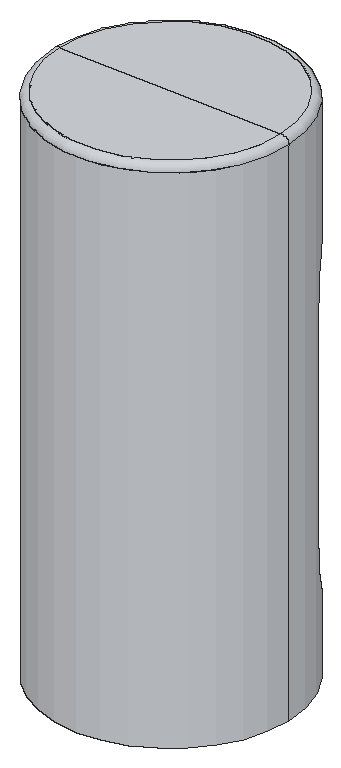
Revit family "Accessory-Robe_Hook-KOHLER-JULY-K-45394T", category Specialty Equipment, host Face, Revit 2017
Family settings
  Host = Face
  Round Connector Dimension = Use Diameter
  Part Type = Normal
  OmniClass Number = 23.31.25.27
  OmniClass Title = Robe Hooks
  Cut with Voids When Loaded = No
  Shared = No
  Room Calculation Point = No
Parameters (values of type "CP- Polished chrome plating")
  Width = 1 67/256"  # constant formula
  WaterSense Certified = 1 = 0  # no
  URL = "http://www.kohler.com.cn/en/"
  Type = 1
  Product Page URL = "https://www.kohler.com.cn/product/K-45394T-CP/K-45394T-CP/"
  Product Name = "JULY"  # constant formula
  Product Documentation Link = "https://files.kohler.com.cn/pdfs/k_45394t.pdf"
  Model = if(Type = 1, "K-45394T-CP", if(Type = 2, "K-45394T-BL", "NA"))  # "K-45394T-CP"
  Material = "Metal Construction"  # constant formula
  Master Format 2014 Name = "Toilet, Bath, and Laundry Accessories"  # constant formula
  Master Format 2014 = "10 28 00"  # constant formula
  Manufacturer Address = "No. 158 Jiang Chang San Road, Zhabei District, Shanghai, China"  # constant formula
  Manufacturer = "KOHLER Co."  # constant formula
  Length = 2 51/64"  # constant formula
  Height = 1 67/256"  # constant formula
  Finish = Kohler-Metal-CP-Polished_Chrome
  Environmental Product Declaration = ""
  Description = "Qiyue single hook"  # constant formula
  Default Elevation = 42"
  Declare Label = ""
  Date Modified = "07/13/2020"  # constant formula
  Date Created = "07/13/2020"  # constant formula
  Copyright = "Copyright KOHLER Co."  # constant formula
  Contact Us = "http://www.kohler.com.cn/en/contact/contact-us/"
  Assembly Code = "C1030200"
  ADA Compliant = 1 = 0  # no
Types (3): name | Type | Product Page URL | Model | Finish
  (no name) | 1 | "https://www.kohler.com.cn/product/K-45394T-CP/K-45394T-CP/" | "K-45394T-CP" | Kohler-Metal-CP-Polished_Chrome
  CP- Polished chrome plating | 1 | "https://www.kohler.com.cn/product/K-45394T-CP/K-45394T-CP/" | "K-45394T-CP" | Kohler-Metal-CP-Polished_Chrome
  BL- Matte black | 2 | "https://www.kohler.com.cn/product/K-45394T-CP/K-45394T-BL/" | "K-45394T-BL" | Kohler-Metal-BL-Matte_Black
Reference planes (in)
  plane 1 "Center (Front/Back)": y = 0
  plane 2: z = 0
  plane 3 "Center (Left/Right)": x = 0
  plane 4: y = 0.62992
  plane 5: x = -0.62992
  plane 6: y = -0.6318
  plane 7: x = 0.6318
  plane 8: z = 2.79687
Dimensions and locks (in)
  "Width": plane 5 to plane 7
  "Height": plane 6 to plane 4
  "Length": plane 8 to level
  aligned and locked: plane 2 to host face
  aligned and locked: level to host face
Automatic sketch dimensions
  host sketch curve to host sketch curve = 96"  (x2)
Nested families (in)
  nested 1: "K-45394T" at (0, 0, 0), type "K-45394T"
Definition of nested family "K-45394T"
  Parameters (values of type "K-45394T")
    Material = none
  Reference planes (in)
    plane 1 "Center (Front/Back)": y = 0
    plane 2: z = 0
    plane 3 "Center (Left/Right)": x = 0
    plane 4: x = -0.62992
    plane 5: x = 0.62992
    plane 6: y = 0.62992
    plane 7: y = -0.62992
    plane 8: z = 2.79528
  Forms (in)
    Revolve 1, solid, material <- "Material", detail levels medium+fine
      sketch origin (0, 0, 0) x (1, 0, 0) y (0, 0, 1)
        loop
          line (0.59055, 2.79528) -> (0, 2.79528) -> (0, 0) -> (0.62992, 0) -> (0.62992, 2.75591)
          arc (0.62992, 2.75591) -> (0.61839, 2.78374) -> (0.59055, 2.79528) r 0.03937
        axis (0, 2.79528) -> (0, 0)
      angle from 0 to 360
    Extrusion 2, void, detail levels medium+fine
      sketch origin (0, 0, 0) x (0, 1, 0) y (0, 0, 1)
        loop
          arc (0.27995, 0.72232) -> (0.28339, 0.64361) -> (0.29367, 0.56549) r 0.90312
          arc (0.29367, 0.56549) -> (0.3263, 0.47603) -> (0.38024, 0.39754) r 0.37849
          arc (0.38024, 0.39754) -> (0.4932, 0.31655) -> (0.62992, 0.29155) r 0.31761
          line (0.62992, 0.29155) -> (0.62992, 2.24388)
          arc (0.62992, 2.24388) -> (0.4932, 2.21888) -> (0.38024, 2.1379) r 0.31761
          arc (0.38024, 2.1379) -> (0.3263, 2.05941) -> (0.29367, 1.96994) r 0.37849
          arc (0.29367, 1.96994) -> (0.28339, 1.89183) -> (0.27995, 1.81312) r 0.90312
          line (0.27995, 1.81312) -> (0.27995, 0.72232)
      from -1.78952 to 1.05687
    Extrusion 3, solid, material <- "Material", detail levels coarse
      sketch origin (0, 0, 0) x (1, 0, 0) y (0, 1, 0)
        loop
          circle (0, 0) r 0.62992
      from 0 to 2.79528
    Extrusion 4, void, detail levels coarse
      sketch origin (0, 0, 0) x (0, 1, 0) y (0, 0, 1)
        loop
          line (1.6579, 2.24388) -> (0.27995, 2.24388) -> (0.27995, 0.29159) -> (1.6579, 0.29159) -> (1.6579, 2.24388)
      from -1.58289 to 1.27737
  Cuts and joins
    Extrusion 2 cuts Revolve 1
    Extrusion 4 cuts Extrusion 3
  Lines and regions (in)
    Masking region 1
      outline origin (0, 0, 0) x (1, 0, 0) y (0, 1, 0)
        loop
          circle (0, 0) r 0.62992
    Masking region 2
      outline origin (0, 0, 0) x (1, 0, 0) y (0, 0, 1)
        loop
          line (0.59055, 2.79528) -> (-0.59097, 2.79528)
          arc (-0.59097, 2.79528) -> (-0.61854, 2.7836) -> (-0.62992, 2.75591) r 0.03937
          line (-0.62992, 2.75591) -> (-0.62992, 0) -> (0.62992, 0) -> (0.62992, 2.75591)
          arc (0.62992, 2.75591) -> (0.61839, 2.78374) -> (0.59055, 2.79528) r 0.03937
    Masking region 3
      outline origin (0, 0, 0) x (0, 1, 0) y (0, 0, 1)
        loop
          arc (-0.59055, 2.79528) -> (-0.61839, 2.78374) -> (-0.62992, 2.75591) r 0.03937
          line (-0.62992, 2.75591) -> (-0.62992, 0) -> (0.62992, 0) -> (0.62992, 0.2647)
          arc (0.62992, 0.2647) -> (0.62243, 0.28332) -> (0.60414, 0.29157) r 0.0269
          arc (0.60414, 0.29157) -> (0.48143, 0.32183) -> (0.38024, 0.39754) r 0.31761
          arc (0.38024, 0.39754) -> (0.3263, 0.47603) -> (0.29367, 0.56549) r 0.37849
          arc (0.29367, 0.56549) -> (0.28339, 0.64361) -> (0.27995, 0.72232) r 0.90312
          line (0.27995, 0.72232) -> (0.27995, 1.81312)
          arc (0.27995, 1.81312) -> (0.28339, 1.89183) -> (0.29367, 1.96994) r 0.90312
          arc (0.29367, 1.96994) -> (0.3263, 2.05941) -> (0.38024, 2.1379) r 0.37849
          arc (0.38024, 2.1379) -> (0.48143, 2.2136) -> (0.60414, 2.24386) r 0.31761
          arc (0.60414, 2.24386) -> (0.62243, 2.25211) -> (0.62992, 2.27074) r 0.0269
          line (0.62992, 2.27074) -> (0.62992, 2.75591)
          arc (0.62992, 2.75591) -> (0.61839, 2.78374) -> (0.59055, 2.79528) r 0.03937
          line (0.59055, 2.79528) -> (-0.59055, 2.79528)
    symbolic lines, detail levels medium+fine
      curve 1: circle (0, 0, 0) r 0.59055 normal (0, 0, 1)
      curve 2: line (0.62992, 0, 2.75591) -> (-0.62992, 0, 2.75591)
      curve 3: line (0.5643, 0, 0.72232) -> (0.5643, 0, 1.81312)
      curve 4: line (-0.5643, 0, 1.81312) -> (-0.5643, 0, 0.72232)
      curve 5: spline (-0.55728, 0, 1.96994) -> (-0.55842, 0, 1.95702) -> (-0.55947, 0, 1.94406) -> (-0.56041, 0, 1.93107) -> (-0.56125, 0, 1.91804) -> (-0.56199, 0, 1.90499) -> (-0.56263, 0, 1.89191) -> (-0.56316, 0, 1.87881) -> (-0.56359, 0, 1.86569) -> (-0.56392, 0, 1.85256) -> (-0.56415, 0, 1.83942) -> (-0.56427, 0, 1.82627) -> (-0.5643, 0, 1.81312)
      curve 6: spline (-0.50221, 0, 2.1379) -> (-0.5095, 0, 2.12651) -> (-0.51635, 0, 2.11454) -> (-0.52273, 0, 2.10202) -> (-0.52864, 0, 2.08898) -> (-0.53405, 0, 2.07544) -> (-0.53897, 0, 2.06145) -> (-0.54336, 0, 2.04704) -> (-0.54723, 0, 2.03225) -> (-0.55057, 0, 2.0171) -> (-0.55336, 0, 2.00164) -> (-0.5556, 0, 1.98591) -> (-0.55728, 0, 1.96994)
      curve 7: line (0, 0, 2.24388) -> (-0.50221, 0, 2.1379)
      curve 8: line (0.50221, 0, 2.1379) -> (0, 0, 2.24388)
      curve 9: spline (0.55728, 0, 1.96994) -> (0.55512, 0, 1.98596) -> (0.5525, 0, 2.00173) -> (0.5494, 0, 2.01722) -> (0.54585, 0, 2.03239) -> (0.54185, 0, 2.0472) -> (0.53741, 0, 2.06161) -> (0.53254, 0, 2.0756) -> (0.52725, 0, 2.08912) -> (0.52156, 0, 2.10214) -> (0.51548, 0, 2.11463) -> (0.50903, 0, 2.12656) -> (0.50221, 0, 2.1379)
      curve 10: spline (0.5643, 0, 1.81312) -> (0.56425, 0, 1.82627) -> (0.5641, 0, 1.83942) -> (0.56386, 0, 1.85256) -> (0.56352, 0, 1.86569) -> (0.56308, 0, 1.87881) -> (0.56254, 0, 1.89191) -> (0.56191, 0, 1.90499) -> (0.56118, 0, 1.91804) -> (0.56035, 0, 1.93107) -> (0.55942, 0, 1.94406) -> (0.5584, 0, 1.95702) -> (0.55728, 0, 1.96994)
      curve 11: spline (0.55728, 0, 0.56549) -> (0.55842, 0, 0.57841) -> (0.55947, 0, 0.59137) -> (0.56041, 0, 0.60437) -> (0.56125, 0, 0.61739) -> (0.56199, 0, 0.63045) -> (0.56263, 0, 0.64353) -> (0.56316, 0, 0.65663) -> (0.56359, 0, 0.66974) -> (0.56392, 0, 0.68287) -> (0.56415, 0, 0.69602) -> (0.56427, 0, 0.70917) -> (0.5643, 0, 0.72232)
      curve 12: spline (0.458, 0, 0.3488) -> (0.47118, 0, 0.36041) -> (0.48365, 0, 0.37346) -> (0.49534, 0, 0.38788) -> (0.5062, 0, 0.4036) -> (0.51616, 0, 0.42055) -> (0.52518, 0, 0.43863) -> (0.53321, 0, 0.45775) -> (0.5402, 0, 0.47783) -> (0.54614, 0, 0.49874) -> (0.55098, 0, 0.5204) -> (0.5547, 0, 0.54269) -> (0.55728, 0, 0.56549)
      curve 13: line (0, 0, 0.29155) -> (0.50221, 0, 0.39754)
      curve 14: line (-0.50221, 0, 0.39778) -> (0, 0, 0.29155)
      curve 15: spline (-0.55728, 0, 0.56574) -> (-0.55512, 0, 0.54972) -> (-0.5525, 0, 0.53395) -> (-0.5494, 0, 0.51846) -> (-0.54585, 0, 0.5033) -> (-0.54185, 0, 0.48849) -> (-0.53741, 0, 0.47407) -> (-0.53254, 0, 0.46008) -> (-0.52725, 0, 0.44656) -> (-0.52156, 0, 0.43354) -> (-0.51548, 0, 0.42105) -> (-0.50903, 0, 0.40912) -> (-0.50221, 0, 0.39778)
      curve 16: spline (-0.5643, 0, 0.72232) -> (-0.56425, 0, 0.70919) -> (-0.5641, 0, 0.69606) -> (-0.56386, 0, 0.68294) -> (-0.56351, 0, 0.66983) -> (-0.56307, 0, 0.65673) -> (-0.56254, 0, 0.64365) -> (-0.5619, 0, 0.63059) -> (-0.56117, 0, 0.61756) -> (-0.56034, 0, 0.60455) -> (-0.55942, 0, 0.59158) -> (-0.5584, 0, 0.57864) -> (-0.55728, 0, 0.56574)
      curve 17: line (0.55728, 0, 0.56549) -> (-0.55728, 0, 0.56549)
      curve 18: line (0.55728, 0, 1.96994) -> (-0.55728, 0, 1.96994)
      curve 19: line (0.54461, 0, 1.83812) -> (0.54461, 0, 0.69731)
      curve 20: arc (0.54461, 0, 1.83812) -> (0.54288, 0, 1.90412) -> (0.5377, 0, 1.96994) r 1.26111
      curve 21: arc (0.5377, 0, 1.96994) -> (0.53402, 0, 1.99233) -> (0.52864, 0, 2.01436) r 0.29725
      curve 22: arc (0.28974, 0, 2.21602) -> (0.32399, 0, 2.20979) -> (0.35811, 0, 2.20293) r 1.87943
      curve 23: arc (0.52864, 0, 2.01436) -> (0.51506, 0, 2.06465) -> (0.49313, 0, 2.11191) r 0.30556
      curve 24: arc (0.49313, 0, 2.11191) -> (0.46542, 0, 2.14817) -> (0.42916, 0, 2.17588) r 0.17231
      curve 25: arc (0.42916, 0, 2.17588) -> (0.39469, 0, 2.19218) -> (0.35811, 0, 2.20293) r 0.24459
      curve 26: line (0.17743, 0, 2.2242) -> (-0.17743, 0, 2.2242)
      curve 27: arc (0.28974, 0, 2.21602) -> (0.23373, 0, 2.22215) -> (0.17743, 0, 2.2242) r 0.7751
      curve 28: arc (-0.54461, 0, 1.83812) -> (-0.54288, 0, 1.90412) -> (-0.5377, 0, 1.96994) r 1.26111
      curve 29: arc (-0.5377, 0, 1.96994) -> (-0.53402, 0, 1.99233) -> (-0.52864, 0, 2.01436) r 0.29725
      curve 30: arc (-0.28974, 0, 2.21602) -> (-0.32399, 0, 2.20979) -> (-0.35811, 0, 2.20293) r 1.87943
      curve 31: arc (-0.52864, 0, 2.01436) -> (-0.51506, 0, 2.06465) -> (-0.49313, 0, 2.11191) r 0.30556
      curve 32: arc (-0.49313, 0, 2.11191) -> (-0.46542, 0, 2.14817) -> (-0.42916, 0, 2.17588) r 0.17231
      curve 33: arc (-0.42916, 0, 2.17588) -> (-0.39469, 0, 2.19218) -> (-0.35811, 0, 2.20293) r 0.24459
      curve 34: arc (-0.28974, 0, 2.21602) -> (-0.23373, 0, 2.22215) -> (-0.17743, 0, 2.2242) r 0.7751
      curve 35: arc (0.54461, 0, 0.69731) -> (0.54288, 0, 0.63131) -> (0.5377, 0, 0.56549) r 1.26111
      curve 36: arc (0.5377, 0, 0.56549) -> (0.53402, 0, 0.54311) -> (0.52864, 0, 0.52107) r 0.29725
      curve 37: arc (0.28974, 0, 0.31942) -> (0.32399, 0, 0.32565) -> (0.35811, 0, 0.33251) r 1.87943
      curve 38: arc (0.52864, 0, 0.52107) -> (0.51506, 0, 0.47078) -> (0.49313, 0, 0.42353) r 0.30556
      curve 39: arc (0.49313, 0, 0.42353) -> (0.46542, 0, 0.38727) -> (0.42916, 0, 0.35955) r 0.17231
      curve 40: arc (0.42916, 0, 0.35955) -> (0.39469, 0, 0.34325) -> (0.35811, 0, 0.33251) r 0.24459
      curve 41: arc (0.28974, 0, 0.31942) -> (0.23373, 0, 0.31329) -> (0.17743, 0, 0.31124) r 0.7751
      curve 42: arc (-0.54461, 0, 0.69731) -> (-0.54288, 0, 0.63131) -> (-0.5377, 0, 0.56549) r 1.26111
      curve 43: arc (-0.5377, 0, 0.56549) -> (-0.53402, 0, 0.54311) -> (-0.52864, 0, 0.52107) r 0.29725
      curve 44: arc (-0.28974, 0, 0.31942) -> (-0.32399, 0, 0.32565) -> (-0.35811, 0, 0.33251) r 1.87943
      curve 45: arc (-0.52864, 0, 0.52107) -> (-0.51506, 0, 0.47078) -> (-0.49313, 0, 0.42353) r 0.30556
      curve 46: arc (-0.49313, 0, 0.42353) -> (-0.46542, 0, 0.38727) -> (-0.42916, 0, 0.35955) r 0.17231
      curve 47: arc (-0.42916, 0, 0.35955) -> (-0.39469, 0, 0.34325) -> (-0.35811, 0, 0.33251) r 0.24459
      curve 48: arc (-0.28974, 0, 0.31942) -> (-0.23373, 0, 0.31329) -> (-0.17743, 0, 0.31124) r 0.7751
      curve 49: line (0.17743, 0, 0.31124) -> (-0.17743, 0, 0.31124)
      curve 50: line (-0.54461, 0, 1.83812) -> (-0.54461, 0, 0.69731)
      curve 51: line (0, -0.62992, 2.75591) -> (0, 0.62992, 2.75591)
      curve 52: arc (0, 0.62992, 0.2647) -> (0, 0.55102, 0.27419) -> (0, 0.47514, 0.29782) r 0.43707
      curve 53: arc (0, 0.47514, 0.29782) -> (0, 0.41142, 0.33499) -> (0, 0.35995, 0.38782) r 0.2737
      curve 54: arc (0, 0.35995, 0.38782) -> (0, 0.33771, 0.41932) -> (0, 0.3169, 0.45177) r 0.86156
      curve 55: line (0, 0.26026, 1.79633) -> (0, 0.26026, 0.73911)
      curve 56: arc (0, 0.3169, 0.45177) -> (0, 0.28656, 0.52396) -> (0, 0.27188, 0.60088) r 0.37472
      curve 57: arc (0, 0.26026, 0.73911) -> (0, 0.26583, 0.66997) -> (0, 0.27188, 0.60088) r 9.92126
      curve 58: arc (0, 0.62992, 2.27074) -> (0, 0.55102, 2.26124) -> (0, 0.47514, 2.23761) r 0.43707
      curve 59: arc (0, 0.47514, 2.23761) -> (0, 0.41142, 2.20045) -> (0, 0.35995, 2.14761) r 0.2737
      curve 60: arc (0, 0.35995, 2.14761) -> (0, 0.33771, 2.11612) -> (0, 0.3169, 2.08366) r 0.86156
      curve 61: arc (0, 0.3169, 2.08366) -> (0, 0.28656, 2.01147) -> (0, 0.27188, 1.93456) r 0.37472
      curve 62: arc (0, 0.26026, 1.79633) -> (0, 0.26583, 1.86546) -> (0, 0.27188, 1.93456) r 9.92126
      curve 63: arc (0, 0.27995, 1.81312) -> (0, 0.27217, 1.79662) -> (0, 0.26026, 1.7828) r 0.06771
      curve 64: arc (0, 0.27995, 0.72232) -> (0, 0.27232, 0.73792) -> (0, 0.26026, 0.75043) r 0.05592
  Dimensions and locks (in)
    plane 4 to plane 5 = 1.25984"
    plane 6 to plane 7 = 1.25984"
    level to plane 8 = 2.79528"
    aligned and locked: plane 2 to level
  Automatic sketch dimensions
    Revolve 1 sketch curve to plane 3 "Center (Left/Right)" = 0"  (x2)
    Revolve 1 sketch curve to plane 8 = 0"
    plane 5 to Revolve 1 sketch curve = 0"
    Revolve 1 sketch curve to level = 0"
    plane 5 to Revolve 1 sketch curve = 0.03937"
    Revolve 1 sketch curve to plane 8 = 1.1811"
    Revolve 1 sketch curve to Revolve 1 sketch curve = 0.7874"
    Extrusion 2 sketch curve to plane 6 = 0"
    Extrusion 2 sketch curve to plane 6 = 0.01262"  (x2)
    Extrusion 2 sketch curve to plane 1 "Center (Front/Back)" = 0.27995"
    plane 6 to Extrusion 2 sketch curve = 0.03281"  (x2)
    Extrusion 2 sketch curve to Extrusion 2 sketch curve = 0.52034"  (x2)
    level to Extrusion 2 sketch curve = 0.60892"
    Extrusion 2 sketch curve to Extrusion 2 sketch curve = 0.04051"  (x2)
    Extrusion 2 sketch curve to Extrusion 2 sketch curve = 0.07289"  (x2)
    Extrusion 2 sketch curve to plane 8 = 0.98216"
    Extrusion 2 sketch curve to Extrusion 2 sketch curve = 0.24968"  (x2)
    Extrusion 2 sketch curve to Extrusion 2 sketch curve = 0"  (x2)
    plane 1 "Center (Front/Back)" to Masking region 1 sketch curve = 0"
    Masking region 1 sketch curve to plane 3 "Center (Left/Right)" = 0"
    plane 1 "Center (Front/Back)" to curve 1 = 0"
    curve 1 to plane 3 "Center (Left/Right)" = 0"
    Masking region 2 sketch curve to level = 0"
    Masking region 2 sketch curve to plane 4 = 0"
    Masking region 2 sketch curve to plane 8 = 0"
    plane 5 to Masking region 2 sketch curve = 0"
    plane 4 to Masking region 2 sketch curve = 0.03896"
    plane 4 to Masking region 2 sketch curve = 0.03937"
    plane 5 to Masking region 2 sketch curve = 0.03937"
    curve 2 to plane 4 = 0"
    curve 14 to plane 3 "Center (Left/Right)" = 0"
    curve 8 to plane 3 "Center (Left/Right)" = 0"
    plane 5 to curve 2 = 0"
    curve 35 to plane 4 = 0.08658"
    curve 20 to plane 4 = 0.08658"
    plane 4 to curve 4 = 0.06563"
    plane 4 to curve 18 = 0.07264"
    curve 4 to curve 50 = 0.01969"
    plane 4 to curve 14 = 0.12771"
    plane 4 to curve 7 = 0.12771"
    curve 15 to curve 46 = 0.15864"
    curve 6 to curve 32 = 0.15864"
    curve 46 to curve 47 = 0.0359"
    curve 32 to curve 33 = 0.0359"
    curve 47 to curve 43 = 0.06491"
    curve 33 to curve 29 = 0.06491"
    curve 43 to curve 45 = 0.01484"
    curve 29 to curve 31 = 0.01484"
    curve 34 to plane 3 "Center (Left/Right)" = 0.17743"
    curve 48 to plane 3 "Center (Left/Right)" = 0.17743"
    curve 22 to plane 3 "Center (Left/Right)" = 0.02943"
    curve 37 to plane 3 "Center (Left/Right)" = 0.02943"
    plane 3 "Center (Left/Right)" to curve 44 = 0.02943"
    plane 3 "Center (Left/Right)" to curve 30 = 0.02943"
    plane 3 "Center (Left/Right)" to curve 41 = 0.17743"
    curve 44 to curve 26 = 0.14801"
    plane 3 "Center (Left/Right)" to curve 38 = 0.22793"
    plane 3 "Center (Left/Right)" to curve 23 = 0.22793"
    curve 23 to curve 21 = 0.01484"
    curve 38 to curve 36 = 0.01484"
    curve 36 to curve 40 = 0.06491"
    curve 21 to curve 25 = 0.06491"
    curve 25 to curve 24 = 0.0359"
    curve 40 to curve 39 = 0.0359"
    plane 5 to curve 8 = 0.12771"
    plane 5 to curve 19 = 0.08531"
    plane 5 to curve 17 = 0.07264"
    curve 19 to curve 3 = 0.01969"
    curve 42 to plane 5 = 0.08658"
    curve 28 to plane 5 = 0.08658"
    level to curve 13 = 0.29155"
    curve 13 to curve 49 = 0.01969"
    curve 13 to curve 22 = 0.07234"
    curve 30 to curve 22 = 0"
    curve 49 to curve 14 = 0.08655"
    curve 49 to curve 39 = 0.19787"
    curve 15 to curve 46 = 0.11132"
    curve 39 to curve 17 = 0.05639"
    curve 39 to curve 40 = 0.06274"
    curve 46 to curve 47 = 0.06274"
    curve 47 to curve 45 = 0.00344"
    curve 40 to curve 38 = 0.00344"
    curve 38 to curve 36 = 0.02726"
    curve 45 to curve 43 = 0.02726"
    curve 17 to curve 35 = 0.13182"
    curve 42 to curve 35 = 0"
    curve 19 to curve 3 = 0.025"
    curve 50 to curve 4 = 0.025"
    curve 41 to curve 48 = 0"
    curve 41 to curve 27 = 0.36276"
    curve 34 to curve 27 = 0"
    curve 27 to curve 3 = 0.36402"
    curve 34 to curve 4 = 0.36402"
    curve 5 to curve 50 = 0.025"
    curve 3 to curve 19 = 0.025"
    curve 28 to curve 29 = 0.09477"
    curve 19 to curve 21 = 0.09477"
    curve 29 to curve 31 = 0.02726"
    curve 21 to curve 23 = 0.02726"
    curve 21 to curve 25 = 0.0307"
    curve 29 to curve 33 = 0.0307"
    curve 50 to curve 18 = 0.13182"
    curve 25 to curve 24 = 0.06274"
    curve 33 to curve 32 = 0.06274"
    curve 18 to curve 8 = 43/256"
    curve 5 to curve 7 = 43/256"
    curve 23 to curve 44 = 0.2114"
    curve 37 to curve 44 = 0"
    curve 44 to curve 26 = 0.05265"
    curve 37 to curve 7 = 0.07234"
    curve 16 to curve 42 = 0.01958"
    curve 15 to curve 17 = 0"
    curve 18 to curve 29 = 0.01958"
    curve 43 to curve 42 = 0"
    curve 43 to curve 43 = 0.00906"
    curve 29 to curve 31 = 0.00906"
    curve 32 to curve 31 = 0"
    curve 46 to curve 45 = 0"
    curve 47 to curve 46 = 0"
    curve 33 to curve 32 = 0"
    curve 15 to curve 47 = 0.02159"
    curve 6 to curve 33 = 0.0212"
    curve 15 to curve 47 = 0.05644"
    curve 30 to curve 33 = 0"
    curve 44 to curve 47 = 0"
    curve 6 to curve 33 = 0.02227"
    curve 16 to curve 34 = 0.02117"
    curve 5 to plane 3 "Center (Left/Right)" = 0.18353"
    curve 29 to curve 5 = 0.06141"
    curve 11 to curve 36 = 0.06141"
    curve 11 to level = 0.08113"
    curve 10 to curve 21 = 0.04417"
    curve 49 to curve 41 = 0.1123"
    curve 27 to curve 27 = 0.1123"
    curve 40 to curve 12 = 0.02224"
    curve 25 to curve 22 = 0"
    curve 40 to curve 37 = 0"
    curve 25 to curve 9 = 0.05641"
    curve 37 to curve 12 = 0.0212"
    curve 25 to curve 9 = 0.02158"
    curve 24 to curve 25 = 0"
    curve 39 to curve 40 = 0"
    curve 39 to curve 12 = 0.02884"
    curve 23 to curve 24 = 0"
    curve 38 to curve 39 = 0"
    curve 39 to curve 13 = 0.00908"
    curve 36 to curve 35 = 0.00906"
    curve 24 to curve 21 = 0.0355"
    curve 20 to curve 10 = 0.01958"
    curve 12 to curve 37 = 0.01909"
    curve 15 to curve 44 = 0.01874"
    curve 10 to curve 41 = 0.0761"
    curve 10 to curve 21 = 0.11953"
    curve 2 to plane 8 = 0.03937"
    Masking region 3 sketch curve to plane 7 = 0"
    Masking region 3 sketch curve to plane 8 = 0"
    Masking region 3 sketch curve to level = 0"
    Masking region 3 sketch curve to plane 6 = 0"  (x2)
    Masking region 3 sketch curve to plane 7 = 0.03937"
    Masking region 3 sketch curve to plane 1 "Center (Front/Back)" = 0.27995"
    Masking region 3 sketch curve to plane 6 = 0.03937"
    Masking region 3 sketch curve to Masking region 3 sketch curve = 0.0269"  (x2)
    Masking region 3 sketch curve to plane 6 = 0.01262"  (x2)
    plane 6 to Masking region 3 sketch curve = 0.03281"  (x2)
    Masking region 3 sketch curve to Masking region 3 sketch curve = 0.52034"  (x2)
    level to Masking region 3 sketch curve = 0.2647"
    Masking region 3 sketch curve to Masking region 3 sketch curve = 0.34422"  (x2)
    Masking region 3 sketch curve to Masking region 3 sketch curve = 0.04051"  (x2)
    Masking region 3 sketch curve to Masking region 3 sketch curve = 0.07289"  (x2)
    Masking region 3 sketch curve to plane 8 = 0.98216"
    Masking region 3 sketch curve to Masking region 3 sketch curve = 0.01372"  (x2)
    Masking region 3 sketch curve to Masking region 3 sketch curve = 0"  (x3)
    Masking region 3 sketch curve to plane 6 = 0.02578"
    curve 51 to plane 7 = 0"
    curve 52 to plane 6 = 0"
    curve 51 to plane 6 = 0"
    curve 58 to plane 6 = 0"
    curve 63 to plane 1 "Center (Front/Back)" = 0.21538"
    curve 64 to plane 1 "Center (Front/Back)" = 0.22651"
    curve 64 to curve 55 = 0.03376"
    curve 53 to plane 6 = 0.04999"
    curve 59 to plane 6 = 0.04999"
    plane 6 to curve 52 = 0.01256"
    plane 6 to curve 58 = 0.01256"
    plane 6 to curve 56 = 0.01537"
    plane 6 to curve 61 = 0.01537"
    plane 6 to curve 60 = 0.4225"
    plane 6 to curve 54 = 0.4225"
    level to curve 62 = 1.03459"
    curve 54 to curve 62 = 9.09982"
    curve 57 to curve 62 = 0"
    level to curve 54 = 0.90043"
    level to curve 55 = 0.73911"
    curve 64 to curve 57 = 0.03326"
    curve 52 to curve 55 = 0.03752"
    curve 56 to curve 52 = 0.06933"
    curve 53 to curve 56 = 0.08159"
    curve 62 to curve 57 = 0.46626"
    curve 54 to curve 60 = 0.73457"
    curve 60 to curve 55 = 0.16132"
    curve 62 to curve 63 = 0.03717"
    curve 62 to curve 58 = 0.03752"
    curve 58 to curve 61 = 0.06933"
    curve 61 to curve 59 = 0.08159"
    curve 64 to curve 56 = 0.04537"
    curve 63 to curve 61 = 0.0565"
    curve 55 to curve 64 = 0.01969"
    curve 62 to curve 63 = 0.01969"
    curve 62 to curve 60 = 0.04502"
    curve 57 to curve 54 = 0.04502"
    curve 53 to curve 54 = 0"
    curve 59 to curve 60 = 0"
    curve 52 to curve 53 = 0"
    curve 58 to curve 59 = 0"
    curve 55 to curve 64 = 0.01132"
    curve 63 to curve 55 = 0.01352"
    curve 51 to plane 8 = 0.03937"
    plane 1 "Center (Front/Back)" to Extrusion 3 sketch curve = 0"
    Extrusion 3 sketch curve to plane 3 "Center (Left/Right)" = 0"
    Extrusion 4 sketch curve to plane 1 "Center (Front/Back)" = 0.27995"
    level to Extrusion 4 sketch curve = 0.29159"
    plane 6 to Extrusion 4 sketch curve = 1.02798"
    Extrusion 4 sketch curve to plane 8 = 0.55139"
    radius of Masking region 1 sketch curve = 0.62992"
    radius of curve 1 = 0.59055"
    radius of Extrusion 3 sketch curve = 0.62992"
